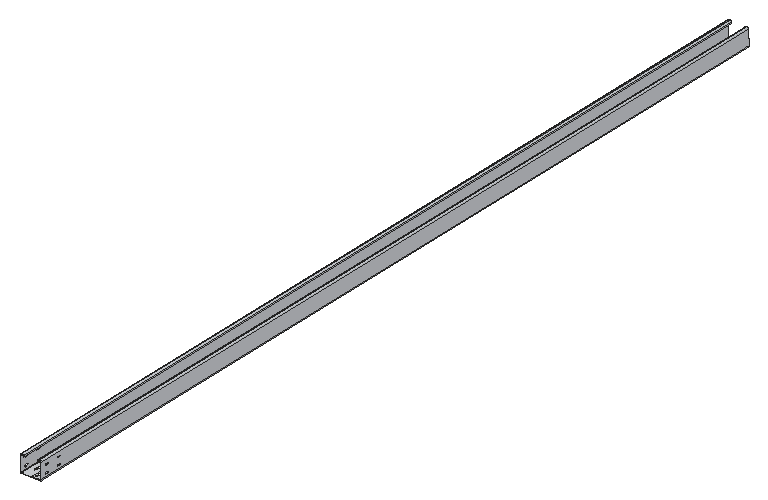
Revit family "Kabelrinne RKS- RKS 605 FS", category Generic Models, Revit 2017 (continued)
Dimensions and locks
  locked: plane 11 to Extrusion 4 sketch curve at 16
  locked: Extrusion 5 sketch curve to Extrusion 5 sketch curve at 7
  locked: Extrusion 5 sketch curve to plane 13 at 16
  locked: plane 13 to Extrusion 5 sketch curve at 16
  locked: Extrusion 6 sketch curve to Extrusion 6 sketch curve at 7
  locked: Extrusion 6 sketch curve to plane 15 at 16
  locked: plane 15 to Extrusion 6 sketch curve at 16
  locked: Extrusion 7 sketch curve to Extrusion 7 sketch curve at 7
  locked: Extrusion 7 sketch curve to plane 17 at 16
  locked: plane 17 to Extrusion 7 sketch curve at 16
  locked: Extrusion 8 sketch curve to Extrusion 8 sketch curve at 7
  locked: Extrusion 8 sketch curve to plane 19 at 16
  locked: plane 19 to Extrusion 8 sketch curve at 16
  locked: Extrusion 9 sketch curve to Extrusion 9 sketch curve at 7
  locked: Extrusion 9 sketch curve to plane 21 at 16
  locked: plane 21 to Extrusion 9 sketch curve at 16
  locked: Extrusion 10 sketch curve to Extrusion 10 sketch curve at 7
  locked: Extrusion 10 sketch curve to plane 23 at 16
  locked: plane 23 to Extrusion 10 sketch curve at 16
  locked: Extrusion 11 sketch curve to Extrusion 11 sketch curve at 7
  locked: Extrusion 11 sketch curve to plane 25 at 16
  locked: plane 25 to Extrusion 11 sketch curve at 16
  locked: Extrusion 12 sketch curve to Extrusion 12 sketch curve at 7
  locked: Extrusion 12 sketch curve to plane 27 at 16
  locked: plane 27 to Extrusion 12 sketch curve at 16
  locked: Extrusion 13 sketch curve to Extrusion 13 sketch curve at 7
  locked: Extrusion 13 sketch curve to plane 29 at 16
  locked: plane 29 to Extrusion 13 sketch curve at 16
  locked: Extrusion 14 sketch curve to Extrusion 14 sketch curve at 7
  locked: Extrusion 14 sketch curve to plane 31 at 16
  locked: plane 31 to Extrusion 14 sketch curve at 16
  locked: Extrusion 15 sketch curve to Extrusion 15 sketch curve at 7
  locked: Extrusion 15 sketch curve to plane 33 at 16
  locked: plane 33 to Extrusion 15 sketch curve at 16
  locked: Extrusion 16 sketch curve to Extrusion 16 sketch curve at 7
  locked: Extrusion 16 sketch curve to plane 35 at 16
  locked: plane 35 to Extrusion 16 sketch curve at 16
  locked: Extrusion 17 sketch curve to Extrusion 17 sketch curve at 7
  locked: Extrusion 17 sketch curve to plane 37 at 16
  locked: plane 37 to Extrusion 17 sketch curve at 16
  locked: Extrusion 18 sketch curve to Extrusion 18 sketch curve at 7
  locked: Extrusion 18 sketch curve to plane 39 at 16
  locked: plane 39 to Extrusion 18 sketch curve at 16
  locked: Extrusion 19 sketch curve to Extrusion 19 sketch curve at 7
  locked: Extrusion 19 sketch curve to plane 41 at 16
  locked: plane 41 to Extrusion 19 sketch curve at 16
  locked: Extrusion 20 sketch curve to Extrusion 20 sketch curve at 7
  locked: Extrusion 20 sketch curve to plane 43 at 16
  locked: plane 43 to Extrusion 20 sketch curve at 16
  locked: Extrusion 21 sketch curve to Extrusion 21 sketch curve at 7
  locked: Extrusion 21 sketch curve to plane 45 at 16
  locked: plane 45 to Extrusion 21 sketch curve at 16
  locked: Extrusion 22 sketch curve to Extrusion 22 sketch curve at 7
  locked: Extrusion 22 sketch curve to plane 47 at 16
  locked: plane 47 to Extrusion 22 sketch curve at 16
  locked: Extrusion 23 sketch curve to Extrusion 23 sketch curve at 7
  locked: Extrusion 23 sketch curve to plane 49 at 16
  locked: plane 49 to Extrusion 23 sketch curve at 16
  locked: Extrusion 24 sketch curve to Extrusion 24 sketch curve at 7
  locked: Extrusion 24 sketch curve to plane 51 at 16
  locked: plane 51 to Extrusion 24 sketch curve at 16
  locked: Extrusion 25 sketch curve to Extrusion 25 sketch curve at 7
  locked: Extrusion 25 sketch curve to plane 53 at 16
  locked: plane 53 to Extrusion 25 sketch curve at 16
  locked: Extrusion 26 sketch curve to Extrusion 26 sketch curve at 7
  locked: Extrusion 26 sketch curve to plane 55 at 16
  locked: plane 55 to Extrusion 26 sketch curve at 16
  locked: Extrusion 27 sketch curve to Extrusion 27 sketch curve at 7
  locked: Extrusion 27 sketch curve to plane 57 at 16
  locked: plane 57 to Extrusion 27 sketch curve at 16
  locked: Extrusion 28 sketch curve to Extrusion 28 sketch curve at 7
  locked: Extrusion 28 sketch curve to plane 59 at 16
  locked: plane 59 to Extrusion 28 sketch curve at 16
  locked: Extrusion 29 sketch curve to Extrusion 29 sketch curve at 7
  locked: Extrusion 29 sketch curve to plane 61 at 16
  locked: plane 61 to Extrusion 29 sketch curve at 16
  locked: Extrusion 30 sketch curve to Extrusion 30 sketch curve at 7
  locked: Extrusion 30 sketch curve to plane 63 at 16
  locked: plane 63 to Extrusion 30 sketch curve at 16
  locked: Extrusion 31 sketch curve to Extrusion 31 sketch curve at 7
  locked: Extrusion 31 sketch curve to plane 65 at 16
  locked: plane 65 to Extrusion 31 sketch curve at 16
  locked: Extrusion 32 sketch curve to Extrusion 32 sketch curve at 7
  locked: Extrusion 32 sketch curve to plane 67 at 16
  locked: plane 67 to Extrusion 32 sketch curve at 16
  locked: Extrusion 33 sketch curve to Extrusion 33 sketch curve at 7
  locked: Extrusion 33 sketch curve to plane 69 at 16
  locked: plane 69 to Extrusion 33 sketch curve at 16
  locked: Extrusion 34 sketch curve to Extrusion 34 sketch curve at 7
  locked: Extrusion 34 sketch curve to plane 71 at 16
  locked: plane 71 to Extrusion 34 sketch curve at 16
  locked: Extrusion 35 sketch curve to Extrusion 35 sketch curve at 7
  locked: Extrusion 35 sketch curve to plane 73 at 16
  locked: plane 73 to Extrusion 35 sketch curve at 16
  locked: Extrusion 36 sketch curve to Extrusion 36 sketch curve at 7
  locked: Extrusion 36 sketch curve to plane 75 at 16
  locked: plane 75 to Extrusion 36 sketch curve at 16
  locked: Extrusion 37 sketch curve to Extrusion 37 sketch curve at 7
  locked: Extrusion 37 sketch curve to plane 77 at 16
  locked: plane 77 to Extrusion 37 sketch curve at 16
  locked: Extrusion 38 sketch curve to Extrusion 38 sketch curve at 7
  locked: Extrusion 38 sketch curve to plane 79 at 16
  locked: plane 79 to Extrusion 38 sketch curve at 16
  locked: Extrusion 39 sketch curve to Extrusion 39 sketch curve at 7
  locked: Extrusion 39 sketch curve to plane 81 at 16
  locked: plane 81 to Extrusion 39 sketch curve at 16
  locked: Extrusion 40 sketch curve to Extrusion 40 sketch curve at 7
  locked: Extrusion 40 sketch curve to plane 83 at 16
  locked: plane 83 to Extrusion 40 sketch curve at 16
  locked: Extrusion 41 sketch curve to Extrusion 41 sketch curve at 7
  locked: Extrusion 41 sketch curve to plane 85 at 16
  locked: plane 85 to Extrusion 41 sketch curve at 16
  locked: Extrusion 42 sketch curve to Extrusion 42 sketch curve at 7
  locked: Extrusion 42 sketch curve to plane 87 at 16
  locked: plane 87 to Extrusion 42 sketch curve at 16
  locked: Extrusion 43 sketch curve to Extrusion 43 sketch curve at 7
  locked: Extrusion 43 sketch curve to plane 89 at 16
  locked: plane 89 to Extrusion 43 sketch curve at 16
  locked: Extrusion 44 sketch curve to Extrusion 44 sketch curve at 7
  locked: Extrusion 44 sketch curve to plane 91 at 16
  locked: plane 91 to Extrusion 44 sketch curve at 16
  locked: Extrusion 45 sketch curve to Extrusion 45 sketch curve at 7
  locked: Extrusion 45 sketch curve to plane 93 at 16
  locked: plane 93 to Extrusion 45 sketch curve at 16
  locked: Extrusion 46 sketch curve to Extrusion 46 sketch curve at 7
  locked: Extrusion 46 sketch curve to plane 95 at 16
  locked: plane 95 to Extrusion 46 sketch curve at 16
  locked: Extrusion 47 sketch curve to Extrusion 47 sketch curve at 7
  locked: Extrusion 47 sketch curve to plane 97 at 16
  locked: plane 97 to Extrusion 47 sketch curve at 16
  locked: Extrusion 48 sketch curve to Extrusion 48 sketch curve at 7
  locked: Extrusion 48 sketch curve to plane 99 at 16
  locked: plane 99 to Extrusion 48 sketch curve at 16
  locked: Extrusion 49 sketch curve to Extrusion 49 sketch curve at 7
  locked: Extrusion 49 sketch curve to plane 101 at 16
  locked: plane 101 to Extrusion 49 sketch curve at 16
  locked: Extrusion 50 sketch curve to Extrusion 50 sketch curve at 7
  locked: Extrusion 50 sketch curve to plane 103 at 16
  locked: plane 103 to Extrusion 50 sketch curve at 16
  locked: Extrusion 51 sketch curve to Extrusion 51 sketch curve at 7
  locked: Extrusion 51 sketch curve to plane 105 at 16
  locked: plane 105 to Extrusion 51 sketch curve at 16
  locked: Extrusion 52 sketch curve to Extrusion 52 sketch curve at 7
  locked: Extrusion 52 sketch curve to plane 107 at 16
  locked: plane 107 to Extrusion 52 sketch curve at 16
  locked: Extrusion 53 sketch curve to Extrusion 53 sketch curve at 7
  locked: Extrusion 53 sketch curve to plane 109 at 16
  locked: plane 109 to Extrusion 53 sketch curve at 16
  locked: Extrusion 54 sketch curve to Extrusion 54 sketch curve at 7
  locked: Extrusion 54 sketch curve to plane 111 at 16
  locked: plane 111 to Extrusion 54 sketch curve at 16
  locked: Extrusion 55 sketch curve to Extrusion 55 sketch curve at 7
  locked: Extrusion 55 sketch curve to plane 113 at 16
  locked: plane 113 to Extrusion 55 sketch curve at 16
  locked: Extrusion 56 sketch curve to Extrusion 56 sketch curve at 7
  locked: Extrusion 56 sketch curve to plane 115 at 16
  locked: plane 115 to Extrusion 56 sketch curve at 16
  locked: Extrusion 57 sketch curve to Extrusion 57 sketch curve at 7
  locked: Extrusion 57 sketch curve to plane 117 at 16
  locked: plane 117 to Extrusion 57 sketch curve at 16
  locked: Extrusion 58 sketch curve to Extrusion 58 sketch curve at 7
  locked: Extrusion 58 sketch curve to plane 119 at 16
  locked: plane 119 to Extrusion 58 sketch curve at 16
  locked: Extrusion 59 sketch curve to Extrusion 59 sketch curve at 7
  locked: Extrusion 59 sketch curve to plane 121 at 16
  locked: plane 121 to Extrusion 59 sketch curve at 16
  locked: Extrusion 60 sketch curve to Extrusion 60 sketch curve at 7
  locked: Extrusion 60 sketch curve to plane 123 at 16
  locked: plane 123 to Extrusion 60 sketch curve at 16
  locked: Extrusion 61 sketch curve to Extrusion 61 sketch curve at 7
  locked: Extrusion 61 sketch curve to plane 125 at 16
  locked: plane 125 to Extrusion 61 sketch curve at 16
  locked: plane 3 "Center (Left/Right)" to cut or joined group 1 (Extrusion 1, Extrusion 2, Extrusion 3, Extrusion 4, Extrusion 5, Extrusion 6, Extrusion 7, Extrusion 8, Extrusion 9, Extrusion 10, Extrusion 11, Extrusion 12, Extrusion 13, Extrusion 14, Extrusion 15, Extrusion 16, Extrusion 17, Extrusion 18, Extrusion 19, Extrusion 20, Extrusion 21, Extrusion 22, Extrusion 23, Extrusion 24, Extrusion 25, Extrusion 26, Extrusion 27, Extrusion 28, Extrusion 29, Extrusion 30, Extrusion 31, Extrusion 32, Extrusion 33, Extrusion 34, Extrusion 35, Extrusion 36, Extrusion 37, Extrusion 38, Extrusion 39, Extrusion 40, Extrusion 41, Extrusion 42, Extrusion 43, Extrusion 44, Extrusion 45, Extrusion 46, Extrusion 47, Extrusion 48, Extrusion 49, Extrusion 50, Extrusion 51, Extrusion 52, Extrusion 53, Extrusion 54, Extrusion 55, Extrusion 56, Extrusion 57, Extrusion 58, Extrusion 59, Extrusion 60, Extrusion 61, Extrusion 62, Extrusion 63, Extrusion 64, Extrusion 65, Extrusion 66, Extrusion 67, Extrusion 68, Extrusion 69, Extrusion 70, Extrusion 71, Extrusion 72, Extrusion 73, Extrusion 74, Extrusion 75, Extrusion 76, Extrusion 77, Extrusion 78, Extrusion 79, Extrusion 80, Extrusion 81, Extrusion 82, Extrusion 83, Extrusion 84, Extrusion 85, Extrusion 86, Extrusion 87, Extrusion 88, Extrusion 89, Extrusion 90, Extrusion 91, Extrusion 92, Extrusion 93, Extrusion 94, Extrusion 95, Extrusion 96, Extrusion 97, Extrusion 98, Extrusion 99, Extrusion 100, Extrusion 101, Extrusion 102, Extrusion 103, Extrusion 104, Extrusion 105, Extrusion 106, Extrusion 107, Extrusion 108, Extrusion 109, Extrusion 110, Extrusion 111, Extrusion 112, Extrusion 113, Extrusion 114, Extrusion 115, Extrusion 116, Extrusion 117, Extrusion 118, Extrusion 119, Extrusion 120, Extrusion 122, Extrusion 123, Extrusion 124, Extrusion 125, Extrusion 126, Extrusion 127, Extrusion 128) at 8.5
  locked: Extrusion 62 sketch curve to Extrusion 62 sketch curve at 7
  locked: plane 128 to Extrusion 62 sketch curve at 3.5
  locked: Extrusion 62 sketch curve to plane 127 at 16
  locked: plane 127 to Extrusion 62 sketch curve at 16
  locked: Extrusion 63 sketch curve to Extrusion 63 sketch curve at 7
  locked: plane 130 to Extrusion 63 sketch curve at 3.5
  locked: Extrusion 63 sketch curve to plane 129 at 16
  locked: plane 129 to Extrusion 63 sketch curve at 16
  equal spacing: group 61, group 62, group 63, group 64, group 65, group 66, group 67, group 68, group 69, group 70, group 71, group 72, group 73, group 74, group 75, group 76, group 77, group 78, group 79, group 80, group 81, group 82, group 83, group 84, group 85, group 86, group 87, group 88, group 89, group 90, group 91, group 92, group 93, group 94, group 95, group 96, group 97, group 98, group 99, group 100, group 101, group 102, group 103, group 104, group 105, group 106, group 107, group 108, group 109, group 110, group 111, group 112, group 113, group 114, group 115, group 116, group 117, group 118, group 119  (x3)
  locked: Extrusion 64 sketch curve to Extrusion 64 sketch curve at 7
  locked: plane 132 to Extrusion 64 sketch curve at 3.5
  locked: Extrusion 64 sketch curve to plane 131 at 16
  locked: plane 131 to Extrusion 64 sketch curve at 16
  locked: Extrusion 65 sketch curve to Extrusion 65 sketch curve at 7
  locked: plane 134 to Extrusion 65 sketch curve at 3.5
  locked: Extrusion 65 sketch curve to plane 133 at 16
  locked: plane 133 to Extrusion 65 sketch curve at 16
  locked: Extrusion 66 sketch curve to Extrusion 66 sketch curve at 7
  locked: plane 136 to Extrusion 66 sketch curve at 3.5
  locked: Extrusion 66 sketch curve to plane 135 at 16
  locked: plane 135 to Extrusion 66 sketch curve at 16
  locked: Extrusion 67 sketch curve to Extrusion 67 sketch curve at 7
  locked: plane 138 to Extrusion 67 sketch curve at 3.5
  locked: Extrusion 67 sketch curve to plane 137 at 16
  locked: plane 137 to Extrusion 67 sketch curve at 16
  locked: Extrusion 68 sketch curve to Extrusion 68 sketch curve at 7
  locked: plane 140 to Extrusion 68 sketch curve at 3.5
  locked: Extrusion 68 sketch curve to plane 139 at 16
  locked: plane 139 to Extrusion 68 sketch curve at 16
  locked: Extrusion 69 sketch curve to Extrusion 69 sketch curve at 7
  locked: plane 142 to Extrusion 69 sketch curve at 3.5
  locked: Extrusion 69 sketch curve to plane 141 at 16
  locked: plane 141 to Extrusion 69 sketch curve at 16
  locked: Extrusion 70 sketch curve to Extrusion 70 sketch curve at 7
  locked: plane 144 to Extrusion 70 sketch curve at 3.5
  locked: Extrusion 70 sketch curve to plane 143 at 16
  locked: plane 143 to Extrusion 70 sketch curve at 16
  locked: Extrusion 71 sketch curve to Extrusion 71 sketch curve at 7
  locked: plane 146 to Extrusion 71 sketch curve at 3.5
  locked: Extrusion 71 sketch curve to plane 145 at 16
  locked: plane 145 to Extrusion 71 sketch curve at 16
  locked: Extrusion 72 sketch curve to Extrusion 72 sketch curve at 7
  locked: plane 148 to Extrusion 72 sketch curve at 3.5
  locked: Extrusion 72 sketch curve to plane 147 at 16
  locked: plane 147 to Extrusion 72 sketch curve at 16
  locked: Extrusion 73 sketch curve to Extrusion 73 sketch curve at 7
  locked: plane 150 to Extrusion 73 sketch curve at 3.5
  locked: Extrusion 73 sketch curve to plane 149 at 16
  locked: plane 149 to Extrusion 73 sketch curve at 16
  locked: Extrusion 74 sketch curve to Extrusion 74 sketch curve at 7
  locked: plane 152 to Extrusion 74 sketch curve at 3.5
  locked: Extrusion 74 sketch curve to plane 151 at 16
  locked: plane 151 to Extrusion 74 sketch curve at 16
  locked: Extrusion 75 sketch curve to Extrusion 75 sketch curve at 7
  locked: plane 154 to Extrusion 75 sketch curve at 3.5
  locked: Extrusion 75 sketch curve to plane 153 at 16
  locked: plane 153 to Extrusion 75 sketch curve at 16
  locked: Extrusion 76 sketch curve to Extrusion 76 sketch curve at 7
  locked: plane 156 to Extrusion 76 sketch curve at 3.5
  locked: Extrusion 76 sketch curve to plane 155 at 16
  locked: plane 155 to Extrusion 76 sketch curve at 16
  locked: Extrusion 77 sketch curve to Extrusion 77 sketch curve at 7
  locked: plane 158 to Extrusion 77 sketch curve at 3.5
  locked: Extrusion 77 sketch curve to plane 157 at 16
  locked: plane 157 to Extrusion 77 sketch curve at 16
  locked: Extrusion 78 sketch curve to Extrusion 78 sketch curve at 7
  locked: plane 160 to Extrusion 78 sketch curve at 3.5
  locked: Extrusion 78 sketch curve to plane 159 at 16
  locked: plane 159 to Extrusion 78 sketch curve at 16
  locked: Extrusion 79 sketch curve to Extrusion 79 sketch curve at 7
  locked: plane 162 to Extrusion 79 sketch curve at 3.5
  locked: Extrusion 79 sketch curve to plane 161 at 16
  locked: plane 161 to Extrusion 79 sketch curve at 16
  locked: Extrusion 80 sketch curve to Extrusion 80 sketch curve at 7
  locked: plane 164 to Extrusion 80 sketch curve at 3.5
  locked: Extrusion 80 sketch curve to plane 163 at 16
  locked: plane 163 to Extrusion 80 sketch curve at 16
  locked: Extrusion 81 sketch curve to Extrusion 81 sketch curve at 7
  locked: plane 166 to Extrusion 81 sketch curve at 3.5
  locked: Extrusion 81 sketch curve to plane 165 at 16
  locked: plane 165 to Extrusion 81 sketch curve at 16
  locked: Extrusion 82 sketch curve to Extrusion 82 sketch curve at 7
  locked: plane 168 to Extrusion 82 sketch curve at 3.5
  locked: Extrusion 82 sketch curve to plane 167 at 16
  locked: plane 167 to Extrusion 82 sketch curve at 16
  locked: Extrusion 83 sketch curve to Extrusion 83 sketch curve at 7
  locked: plane 170 to Extrusion 83 sketch curve at 3.5
  locked: Extrusion 83 sketch curve to plane 169 at 16
  locked: plane 169 to Extrusion 83 sketch curve at 16
  locked: Extrusion 84 sketch curve to Extrusion 84 sketch curve at 7
  locked: plane 172 to Extrusion 84 sketch curve at 3.5
  locked: Extrusion 84 sketch curve to plane 171 at 16
  locked: plane 171 to Extrusion 84 sketch curve at 16
  locked: Extrusion 85 sketch curve to Extrusion 85 sketch curve at 7
  locked: plane 174 to Extrusion 85 sketch curve at 3.5
  locked: Extrusion 85 sketch curve to plane 173 at 16
  locked: plane 173 to Extrusion 85 sketch curve at 16
  locked: Extrusion 86 sketch curve to Extrusion 86 sketch curve at 7
  locked: plane 176 to Extrusion 86 sketch curve at 3.5
  locked: Extrusion 86 sketch curve to plane 175 at 16
  locked: plane 175 to Extrusion 86 sketch curve at 16
  locked: Extrusion 87 sketch curve to Extrusion 87 sketch curve at 7
  locked: plane 178 to Extrusion 87 sketch curve at 3.5
  locked: Extrusion 87 sketch curve to plane 177 at 16
  locked: plane 177 to Extrusion 87 sketch curve at 16
  locked: Extrusion 88 sketch curve to Extrusion 88 sketch curve at 7
  locked: plane 180 to Extrusion 88 sketch curve at 3.5
  locked: Extrusion 88 sketch curve to plane 179 at 16
  locked: plane 179 to Extrusion 88 sketch curve at 16
  locked: Extrusion 89 sketch curve to Extrusion 89 sketch curve at 7
  locked: plane 182 to Extrusion 89 sketch curve at 3.5
  locked: Extrusion 89 sketch curve to plane 181 at 16
  locked: plane 181 to Extrusion 89 sketch curve at 16
  locked: Extrusion 90 sketch curve to Extrusion 90 sketch curve at 7
  locked: plane 184 to Extrusion 90 sketch curve at 3.5
  locked: Extrusion 90 sketch curve to plane 183 at 16
  locked: plane 183 to Extrusion 90 sketch curve at 16
  locked: Extrusion 91 sketch curve to Extrusion 91 sketch curve at 7
  locked: plane 186 to Extrusion 91 sketch curve at 3.5
  locked: Extrusion 91 sketch curve to plane 185 at 16
  locked: plane 185 to Extrusion 91 sketch curve at 16
  locked: Extrusion 92 sketch curve to Extrusion 92 sketch curve at 7
  locked: plane 188 to Extrusion 92 sketch curve at 3.5
  locked: Extrusion 92 sketch curve to plane 187 at 16
  locked: plane 187 to Extrusion 92 sketch curve at 16
  locked: Extrusion 93 sketch curve to Extrusion 93 sketch curve at 7
  locked: plane 190 to Extrusion 93 sketch curve at 3.5
  locked: Extrusion 93 sketch curve to plane 189 at 16
  locked: plane 189 to Extrusion 93 sketch curve at 16
  locked: Extrusion 94 sketch curve to Extrusion 94 sketch curve at 7
  locked: plane 192 to Extrusion 94 sketch curve at 3.5
  locked: Extrusion 94 sketch curve to plane 191 at 16
  locked: plane 191 to Extrusion 94 sketch curve at 16
  locked: Extrusion 95 sketch curve to Extrusion 95 sketch curve at 7
  locked: plane 194 to Extrusion 95 sketch curve at 3.5
  locked: Extrusion 95 sketch curve to plane 193 at 16
  locked: plane 193 to Extrusion 95 sketch curve at 16
  locked: Extrusion 96 sketch curve to Extrusion 96 sketch curve at 7
  locked: plane 196 to Extrusion 96 sketch curve at 3.5
  locked: Extrusion 96 sketch curve to plane 195 at 16
  locked: plane 195 to Extrusion 96 sketch curve at 16
  locked: Extrusion 97 sketch curve to Extrusion 97 sketch curve at 7
  locked: plane 198 to Extrusion 97 sketch curve at 3.5
  locked: Extrusion 97 sketch curve to plane 197 at 16
  locked: plane 197 to Extrusion 97 sketch curve at 16
  locked: Extrusion 98 sketch curve to Extrusion 98 sketch curve at 7
  locked: plane 200 to Extrusion 98 sketch curve at 3.5
  locked: Extrusion 98 sketch curve to plane 199 at 16
  locked: plane 199 to Extrusion 98 sketch curve at 16
  locked: Extrusion 99 sketch curve to Extrusion 99 sketch curve at 7
  locked: plane 202 to Extrusion 99 sketch curve at 3.5
  locked: Extrusion 99 sketch curve to plane 201 at 16
  locked: plane 201 to Extrusion 99 sketch curve at 16
  locked: Extrusion 100 sketch curve to Extrusion 100 sketch curve at 7
  locked: plane 204 to Extrusion 100 sketch curve at 3.5
  locked: Extrusion 100 sketch curve to plane 203 at 16
  locked: plane 203 to Extrusion 100 sketch curve at 16
  locked: Extrusion 101 sketch curve to Extrusion 101 sketch curve at 7
  locked: plane 206 to Extrusion 101 sketch curve at 3.5
  locked: Extrusion 101 sketch curve to plane 205 at 16
  locked: plane 205 to Extrusion 101 sketch curve at 16
  locked: Extrusion 102 sketch curve to Extrusion 102 sketch curve at 7
  locked: plane 208 to Extrusion 102 sketch curve at 3.5
  locked: Extrusion 102 sketch curve to plane 207 at 16
  locked: plane 207 to Extrusion 102 sketch curve at 16
  locked: Extrusion 103 sketch curve to Extrusion 103 sketch curve at 7
  locked: plane 210 to Extrusion 103 sketch curve at 3.5
  locked: Extrusion 103 sketch curve to plane 209 at 16
  locked: plane 209 to Extrusion 103 sketch curve at 16
  locked: Extrusion 104 sketch curve to Extrusion 104 sketch curve at 7
  locked: plane 212 to Extrusion 104 sketch curve at 3.5
  locked: Extrusion 104 sketch curve to plane 211 at 16
  locked: plane 211 to Extrusion 104 sketch curve at 16
  locked: Extrusion 105 sketch curve to Extrusion 105 sketch curve at 7
  locked: plane 214 to Extrusion 105 sketch curve at 3.5
  locked: Extrusion 105 sketch curve to plane 213 at 16
  locked: plane 213 to Extrusion 105 sketch curve at 16
  locked: Extrusion 106 sketch curve to Extrusion 106 sketch curve at 7
  locked: plane 216 to Extrusion 106 sketch curve at 3.5
  locked: Extrusion 106 sketch curve to plane 215 at 16
  locked: plane 215 to Extrusion 106 sketch curve at 16
  locked: Extrusion 107 sketch curve to Extrusion 107 sketch curve at 7
  locked: plane 218 to Extrusion 107 sketch curve at 3.5
  locked: Extrusion 107 sketch curve to plane 217 at 16
  locked: plane 217 to Extrusion 107 sketch curve at 16
  locked: Extrusion 108 sketch curve to Extrusion 108 sketch curve at 7
  locked: plane 220 to Extrusion 108 sketch curve at 3.5
  locked: Extrusion 108 sketch curve to plane 219 at 16
  locked: plane 219 to Extrusion 108 sketch curve at 16
  locked: Extrusion 109 sketch curve to Extrusion 109 sketch curve at 7
  locked: plane 222 to Extrusion 109 sketch curve at 3.5
  locked: Extrusion 109 sketch curve to plane 221 at 16
  locked: plane 221 to Extrusion 109 sketch curve at 16
  locked: Extrusion 110 sketch curve to Extrusion 110 sketch curve at 7
  locked: plane 224 to Extrusion 110 sketch curve at 3.5
  locked: Extrusion 110 sketch curve to plane 223 at 16
  locked: plane 223 to Extrusion 110 sketch curve at 16
  locked: Extrusion 111 sketch curve to Extrusion 111 sketch curve at 7
  locked: plane 226 to Extrusion 111 sketch curve at 3.5
  locked: Extrusion 111 sketch curve to plane 225 at 16
  locked: plane 225 to Extrusion 111 sketch curve at 16
  locked: Extrusion 112 sketch curve to Extrusion 112 sketch curve at 7
  locked: plane 228 to Extrusion 112 sketch curve at 3.5
  locked: Extrusion 112 sketch curve to plane 227 at 16
  locked: plane 227 to Extrusion 112 sketch curve at 16
  locked: Extrusion 113 sketch curve to Extrusion 113 sketch curve at 7
  locked: plane 230 to Extrusion 113 sketch curve at 3.5
  locked: Extrusion 113 sketch curve to plane 229 at 16
  locked: plane 229 to Extrusion 113 sketch curve at 16
  locked: Extrusion 114 sketch curve to Extrusion 114 sketch curve at 7
  locked: plane 232 to Extrusion 114 sketch curve at 3.5
  locked: Extrusion 114 sketch curve to plane 231 at 16
  locked: plane 231 to Extrusion 114 sketch curve at 16
  locked: Extrusion 115 sketch curve to Extrusion 115 sketch curve at 7
  locked: plane 234 to Extrusion 115 sketch curve at 3.5
  locked: Extrusion 115 sketch curve to plane 233 at 16
  locked: plane 233 to Extrusion 115 sketch curve at 16
  locked: Extrusion 116 sketch curve to Extrusion 116 sketch curve at 7
  locked: plane 236 to Extrusion 116 sketch curve at 3.5
  locked: Extrusion 116 sketch curve to plane 235 at 16
  locked: plane 235 to Extrusion 116 sketch curve at 16
  locked: Extrusion 117 sketch curve to Extrusion 117 sketch curve at 7
  locked: plane 238 to Extrusion 117 sketch curve at 3.5
  locked: Extrusion 117 sketch curve to plane 237 at 16
  locked: plane 237 to Extrusion 117 sketch curve at 16
  locked: Extrusion 118 sketch curve to Extrusion 118 sketch curve at 7
  locked: plane 240 to Extrusion 118 sketch curve at 3.5
  locked: Extrusion 118 sketch curve to plane 239 at 16
  locked: plane 239 to Extrusion 118 sketch curve at 16
  locked: Extrusion 119 sketch curve to Extrusion 119 sketch curve at 7
  locked: plane 242 to Extrusion 119 sketch curve at 3.5
  locked: Extrusion 119 sketch curve to plane 241 at 16
  locked: plane 241 to Extrusion 119 sketch curve at 16
  locked: Extrusion 120 sketch curve to Extrusion 120 sketch curve at 7
  locked: plane 244 to Extrusion 120 sketch curve at 3.5
  locked: Extrusion 120 sketch curve to plane 243 at 16
  locked: plane 243 to Extrusion 120 sketch curve at 16
  locked: cut or joined group 1 to plane 3 "Center (Left/Right)" at 9  (x2)
  locked: Extrusion 121 sketch curve to Extrusion 121 sketch curve at 7
  locked: plane 245 to Extrusion 121 sketch curve at 3.5
  locked: plane 246 to Extrusion 121 sketch curve at 10
  locked: Extrusion 121 sketch curve to plane 246 at 10
  locked: Extrusion 122 sketch curve to Extrusion 122 sketch curve at 7
  locked: plane 247 to Extrusion 122 sketch curve at 3.5
  locked: plane 248 to Extrusion 122 sketch curve at 10
  locked: Extrusion 122 sketch curve to plane 248 at 10
  plane 1 "Center (Front/Back)" to cut or joined group 1 = 15 mm  (x2)
  locked: Extrusion 123 sketch curve to Extrusion 123 sketch curve at 7
  locked: plane 249 to Extrusion 123 sketch curve at 3.5
  locked: plane 250 to Extrusion 123 sketch curve at 10
  locked: Extrusion 123 sketch curve to plane 250 at 10
  locked: plane 1 "Center (Front/Back)" to cut or joined group 1 at 15  (x2)
  locked: cut or joined group 1 to cut or joined group 1 at 18
  locked: Extrusion 124 sketch curve to Extrusion 124 sketch curve at 7
  locked: plane 251 to Extrusion 124 sketch curve at 3.5
  locked: plane 252 to Extrusion 124 sketch curve at 10
  locked: Extrusion 124 sketch curve to plane 252 at 10
  locked: Extrusion 125 sketch curve to Extrusion 125 sketch curve at 7
  locked: plane 253 to Extrusion 125 sketch curve at 3.5
  locked: plane 254 to Extrusion 125 sketch curve at 10
  locked: Extrusion 125 sketch curve to plane 254 at 10
  locked: plane 255 to Extrusion 126 sketch curve at 3.5
  locked: plane 256 to Extrusion 126 sketch curve at 10
  locked: Extrusion 126 sketch curve to plane 256 at 10
  locked: plane 257 to Extrusion 127 sketch curve at 3.5
  locked: plane 258 to Extrusion 127 sketch curve at 10
  locked: Extrusion 127 sketch curve to plane 258 at 10
  locked: plane 259 to Extrusion 128 sketch curve at 3.5
  locked: plane 260 to Extrusion 128 sketch curve at 10
  locked: Extrusion 128 sketch curve to plane 260 at 10
  aligned and locked: level to plane 2
  aligned and locked: plane 6 to Extrusion 1
  aligned and locked: Extrusion 2 to level
  aligned and locked: Extrusion 1 to Extrusion 2
  aligned and locked: cut or joined group 1 to cut or joined group 1  (x8)
  aligned and locked: Extrusion 62 to level
  aligned and locked: Extrusion 1 to Extrusion 62
  aligned and locked: Extrusion 1 to Extrusion 122  (x2)
  aligned and locked: Extrusion 1 to Extrusion 123  (x2)
  aligned and locked: Extrusion 1 to Extrusion 124  (x2)
  aligned and locked: Extrusion 1 to Extrusion 125  (x2)
  aligned and locked: Extrusion 124 to Extrusion 122
  aligned and locked: Extrusion 1 to Extrusion 126  (x2)
  aligned and locked: Extrusion 126 to Extrusion 127
  aligned and locked: Extrusion 127 to Extrusion 126
  aligned and locked: Extrusion 1 to Extrusion 128
Automatic sketch dimensions
  Extrusion 2 sketch curve to plane 8 = 0 mm
  Extrusion 3 sketch curve to plane 10 = 0 mm
  Extrusion 4 sketch curve to plane 12 = 0 mm
  Extrusion 5 sketch curve to plane 14 = 0 mm
  Extrusion 6 sketch curve to plane 16 = 0 mm
  Extrusion 7 sketch curve to plane 18 = 0 mm
  Extrusion 8 sketch curve to plane 20 = 0 mm
  Extrusion 9 sketch curve to plane 22 = 0 mm
  Extrusion 10 sketch curve to plane 24 = 0 mm
  Extrusion 11 sketch curve to plane 26 = 0 mm
  Extrusion 12 sketch curve to plane 28 = 0 mm
  Extrusion 13 sketch curve to plane 30 = 0 mm
  Extrusion 14 sketch curve to plane 32 = 0 mm
  Extrusion 15 sketch curve to plane 34 = 0 mm
  Extrusion 16 sketch curve to plane 36 = 0 mm
  Extrusion 17 sketch curve to plane 38 = 0 mm
  Extrusion 18 sketch curve to plane 40 = 0 mm
  Extrusion 19 sketch curve to plane 42 = 0 mm
  Extrusion 20 sketch curve to plane 44 = 0 mm
  Extrusion 21 sketch curve to plane 46 = 0 mm
  Extrusion 22 sketch curve to plane 48 = 0 mm
  Extrusion 23 sketch curve to plane 50 = 0 mm
  Extrusion 24 sketch curve to plane 52 = 0 mm
  Extrusion 25 sketch curve to plane 54 = 0 mm
  Extrusion 26 sketch curve to plane 56 = 0 mm
  Extrusion 27 sketch curve to plane 58 = 0 mm
  Extrusion 28 sketch curve to plane 60 = 0 mm
  Extrusion 29 sketch curve to plane 62 = 0 mm
  Extrusion 30 sketch curve to plane 64 = 0 mm
  Extrusion 31 sketch curve to plane 66 = 0 mm
  Extrusion 32 sketch curve to plane 68 = 0 mm
  Extrusion 33 sketch curve to plane 70 = 0 mm
  Extrusion 34 sketch curve to plane 72 = 0 mm
  Extrusion 35 sketch curve to plane 74 = 0 mm
  Extrusion 36 sketch curve to plane 76 = 0 mm
  Extrusion 37 sketch curve to plane 78 = 0 mm
  Extrusion 38 sketch curve to plane 80 = 0 mm
  Extrusion 39 sketch curve to plane 82 = 0 mm
  Extrusion 40 sketch curve to plane 84 = 0 mm
  Extrusion 41 sketch curve to plane 86 = 0 mm
  Extrusion 42 sketch curve to plane 88 = 0 mm
  Extrusion 43 sketch curve to plane 90 = 0 mm
  Extrusion 44 sketch curve to plane 92 = 0 mm
  Extrusion 45 sketch curve to plane 94 = 0 mm
  Extrusion 46 sketch curve to plane 96 = 0 mm
  Extrusion 47 sketch curve to plane 98 = 0 mm
  Extrusion 48 sketch curve to plane 100 = 0 mm
  Extrusion 49 sketch curve to plane 102 = 0 mm
  Extrusion 50 sketch curve to plane 104 = 0 mm
  Extrusion 51 sketch curve to plane 106 = 0 mm
  Extrusion 52 sketch curve to plane 108 = 0 mm
  Extrusion 53 sketch curve to plane 110 = 0 mm
  Extrusion 54 sketch curve to plane 112 = 0 mm
  Extrusion 55 sketch curve to plane 114 = 0 mm
  Extrusion 56 sketch curve to plane 116 = 0 mm
  Extrusion 57 sketch curve to plane 118 = 0 mm
  Extrusion 58 sketch curve to plane 120 = 0 mm
  Extrusion 59 sketch curve to plane 122 = 0 mm
  Extrusion 60 sketch curve to plane 124 = 0 mm
  Extrusion 61 sketch curve to plane 126 = 0 mm
  plane 255 to Extrusion 126 sketch curve = 0 mm
  plane 257 to Extrusion 127 sketch curve = 0 mm
  plane 259 to Extrusion 128 sketch curve = 0 mm
  Extrusion 1 sketch curve to Extrusion 1 sketch curve = 0 mm  (x3)
  Extrusion 1 sketch curve to plane 4 = 0 mm  (x2)
  Extrusion 1 sketch curve to plane 3 "Center (Left/Right)" = 0 mm  (x2)
  Extrusion 1 sketch curve to Extrusion 1 sketch curve = 1 mm  (x2)
Types (3, lengths in mm): name | Width 2 | Width 1 | Manufacturer Art.No. | GTIN | Article Type
  (no name) | 35 | 70 | "6055893" | "4012196388691" | "RKS 607 FS"
  RKS 605 FS | 25 | 50 | "6055885" | "4012196388639" | "RKS 605 FS"
  RKS 607 FS | 35 | 70 | "6055893" | "4012196388691" | "RKS 607 FS"
